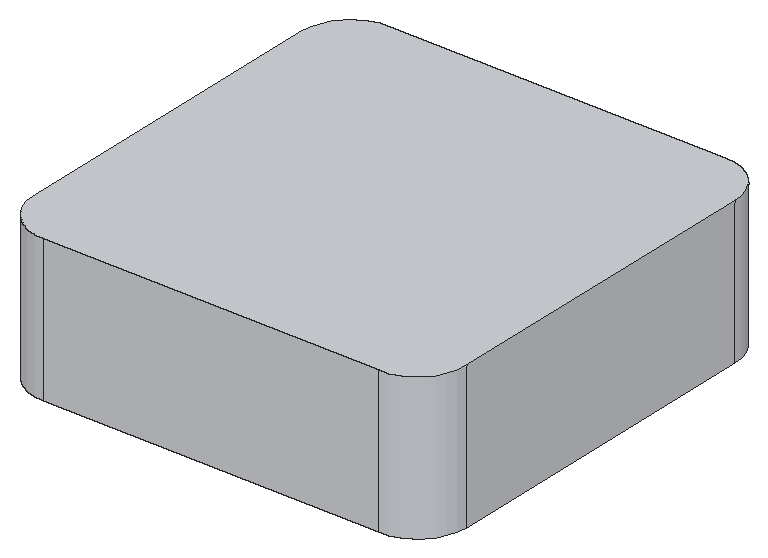
Revit family "Gira_003202", category Electrical Fixtures, host Face, Revit 2017
Family settings
  Host = Face
  Maintain Annotation Orientation = Yes
  Round Connector Dimension = Use Diameter
  Part Type = Normal
  Cut with Voids When Loaded = No
  Shared = No
  Room Calculation Point = No
Parameters (values of type "TAE-Anschlussdose TAE 2 x 6/6 NFF Einsatz Weiß")
  Unterputz = "Yes"
  URL = "http://katalog.gira.de/de_DE/datenblatt.html?artikelnr=003202"
  Steckverbindertyp = "sonstige"
  Separater Erdungsanschluss = "No"
  Separate Kabelzugentlastung = "Yes"
  Schutzart (IP) = "IP20"
  Region = "DE"
  Name = "TAE-Anschlussdose TAE 2 x 6/6 NFF Einsatz Weiß"
  Montageart Schirmanschluss = "Schraube"
  Mit Textfeld = "No"
  Mechanische Kodierung = "No"
  Manufacturer URL = "https://www.gira.de/"
  Keynote = "Einsatz_1fach"
  Kategorie = "sonstige"
  Kanaleinbau = "No"
  HeinzeBIM = "https://bimportal.heinze.de/bim/tae-anschlussdose-tae-2-x-6-6-nff-einsatz-weiss/e8ff1c3233bbd61b3febb3b3531a0b5978a7775a"
  HAN = "003202"
  Gehäuse geschirmt = "No"
  GTIN = "4010337034599"
  Farbe = "sonstige"
  Designfähig = "No"
  Default Elevation = 1219.2 mm
  Data sheet (1) = "https://katalog.gira.de/de_DE/download.html?artikelnr=003202"
  Category = "Kommunikationsanschlussdose Kupfer"
  Buchsen geschirmt = "Yes"
  Bodentank/Unterflurmontage = "No"
  Befestigungsart = "schrauben"
  Available = "Yes"
  Auslassrichtung = "unten"
  Aufputz = "No"
  Anschlussart = "Schraube"
  Abschlusswiderstand = "No"
Reference planes
  plane 1 "Center (Front/Back)": y = 0
  plane 2: z = 0
  plane 3 "Center (Left/Right)": x = 0
Forms (mm)
  Extrusion 1, solid, detail levels fine
    sketch origin (0, 0, 0) x (1, 0, 0) y (0, 1, 0)
      loop
        line (27.475, 35.475) -> (-27.475, 35.475)
        arc (-27.475, 35.475) -> (-33.132, 33.132) -> (-35.475, 27.475) r 8
        line (-35.475, 27.475) -> (-35.475, -27.475)
        arc (-35.475, -27.475) -> (-33.132, -33.132) -> (-27.475, -35.475) r 8
        line (-27.475, -35.475) -> (27.475, -35.475)
        arc (27.475, -35.475) -> (33.132, -33.132) -> (35.475, -27.475) r 8
        line (35.475, -27.475) -> (35.475, 27.475)
        arc (35.475, 27.475) -> (33.132, 33.132) -> (27.475, 35.475) r 8
    from -22 to 1.8
  Extrusion 2, solid, detail levels fine
    sketch origin (0, 0, 0) x (1, 0, 0) y (0, 1, 0)
      loop
        line (9.678, 25.4) -> (-9.678, 25.4)
        arc (-9.678, 25.4) -> (-12.885, 24.922) -> (-15.814, 23.53) r 11
        arc (-15.814, 23.53) -> (-17.795, 22.07) -> (-19.641, 20.444) r 28.35
        arc (-19.641, 20.444) -> (-21.339, 18.665) -> (-22.876, 16.745) r 28.35
        arc (-22.876, 16.745) -> (-24.456, 13.666) -> (-25, 10.248) r 11
        line (-25, 10.248) -> (-25, -10.248)
        arc (-25, -10.248) -> (-24.456, -13.666) -> (-22.876, -16.745) r 11
        arc (-22.876, -16.745) -> (-20.409, -19.677) -> (-17.569, -22.25) r 28.35
        line (-17.569, -22.25) -> (17.569, -22.25)
        arc (17.569, -22.25) -> (20.409, -19.677) -> (22.876, -16.745) r 28.35
        arc (22.876, -16.745) -> (24.456, -13.666) -> (25, -10.248) r 11
        line (25, -10.248) -> (25, 10.248)
        arc (25, 10.248) -> (24.456, 13.666) -> (22.876, 16.745) r 11
        arc (22.876, 16.745) -> (21.593, 18.37) -> (20.195, 19.897) r 28.35
        arc (20.195, 19.897) -> (18.096, 21.823) -> (15.814, 23.53) r 28.35
        arc (15.814, 23.53) -> (12.885, 24.922) -> (9.678, 25.4) r 11
    from -22 to 0
  Extrusion 3, solid, detail levels medium
    sketch origin (0, 0, 0) x (1, 0, 0) y (0, 1, 0)
      loop
        line (-25, 25.4) -> (-25, -22.25) -> (25, -22.25) -> (25, 25.4) -> (-25, 25.4)
    from -22 to 0
  Extrusion 4, solid, detail levels coarse
    sketch origin (0, 0, 0) x (1, 0, 0) y (0, 1, 0)
      loop
        line (35.475, 35.475) -> (-35.475, 35.475) -> (-35.475, -35.475) -> (35.475, -35.475) -> (35.475, 35.475)
    from -22 to 1.8
  Extrusion 5, solid, detail levels medium
    sketch origin (0, 0, 0) x (1, 0, 0) y (0, 1, 0)
      loop
        line (35.475, 35.475) -> (-35.475, 35.475) -> (-35.475, -35.475) -> (35.475, -35.475) -> (35.475, 35.475)
    from -22 to 1.8
Dimensions and locks
  aligned and locked: plane 2 to host face
  aligned and locked: level to host face
  aligned and locked: plane 3 "Center (Left/Right)" to nested 1
  aligned and locked: plane 1 "Center (Front/Back)" to nested 1
Nested families
  nested 1: "RJ45-Datendose Beschriftung" at (0, 0, 0), type "RJ45-Datendose Beschriftung"
Connectors
  electrical at (0, 0, -22)
    settings: on Extrusion 4, index 1, voltage 220 V, apparent load 0 VA, apparent load phase1 0 VA, apparent load phase2 0 VA, apparent load phase3 0 VA, power factor 1, load classification "Other", number of poles 1, system type 30, power factor state 1, is connector primary yes, connector utility no, sub classification motor no, connector description ""
Definition of nested family "RJ45-Datendose Beschriftung"
  Reference planes
    plane 1: y = 0
    plane 2: x = 0
  Lines and regions (mm)
    Filled region 1, type "Gefüllter Bereich 1"
      outline origin (0, 0, 0) x (1, 0, 0) y (0, 1, 0)
        loop
          circle (0, 2.4) r 0.4
    detail lines
      curve 1: line (0, 0, 0) -> (0, 2, 0)
      curve 2: line (0, 2, 0) -> (1.2, 2, 0)
      curve 3: line (1.2, 2, 0) -> (1.2, 3.6, 0)
      curve 4: circle (0, 2.4, 0) r 0.4 normal (0, 0, 1)
      curve 5: line (0, 2, 0) -> (-1.2, 2, 0)
      curve 6: line (-1.2, 2, 0) -> (-1.2, 3.6, 0)
